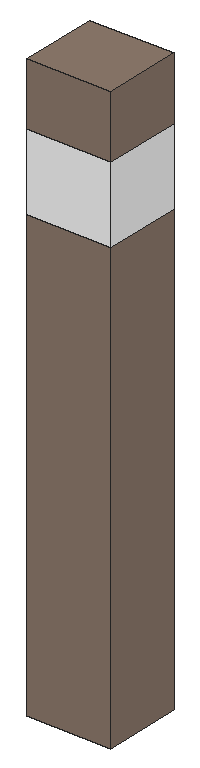
Revit family "BL5502", category Generic Models, Revit 2014
Parameters
  TOP CAP = Bronze, Architectural
  LENS = Acrylic
  BODY = Bronze, Architectural
Reference planes (in)
  plane 1 "Center (Front/Back)": y = 0
  plane 2: z = 0
  plane 3 "Center (Left/Right)": x = 0
  plane 4: y = 2.8125
  plane 5: y = -2.8125
Forms (in)
  Extrusion 1, solid, material "Bronze, Architectural" <- "BODY"
    sketch origin (0, 0, 0) x (1, 0, 0) y (0, 0, 1)
      loop
        line (-3, 32.00609) -> (-3, 0) -> (3, 0) -> (3, 32.00609) -> (-3, 32.00609)
    from -2.8125 to 2.8125
  Extrusion 2, solid, material "Bronze, Architectural" <- "TOP CAP"
    sketch origin (-0.40447, 0, 0) x (1, 0, 0) y (0, 0, 1)
      loop
        line (-2.59553, 41.99963) -> (-2.59553, 37.50451) -> (3.40447, 37.50451) -> (3.40447, 41.99963) -> (-2.59553, 41.99963)
    from -2.8125 to 2.8125
  Extrusion 3, solid, material "Acrylic" <- "LENS"
    sketch origin (-0.40447, 0, -4.49511) x (1, 0, 0) y (0, 0, 1)
      loop
        line (-2.59553, 41.99963) -> (-2.59553, 36.5012) -> (3.40447, 36.5012) -> (3.40447, 41.99963) -> (-2.59553, 41.99963)
    from -2.8125 to 2.8125
Dimensions and locks (in)
  aligned and locked: plane 2 to level
